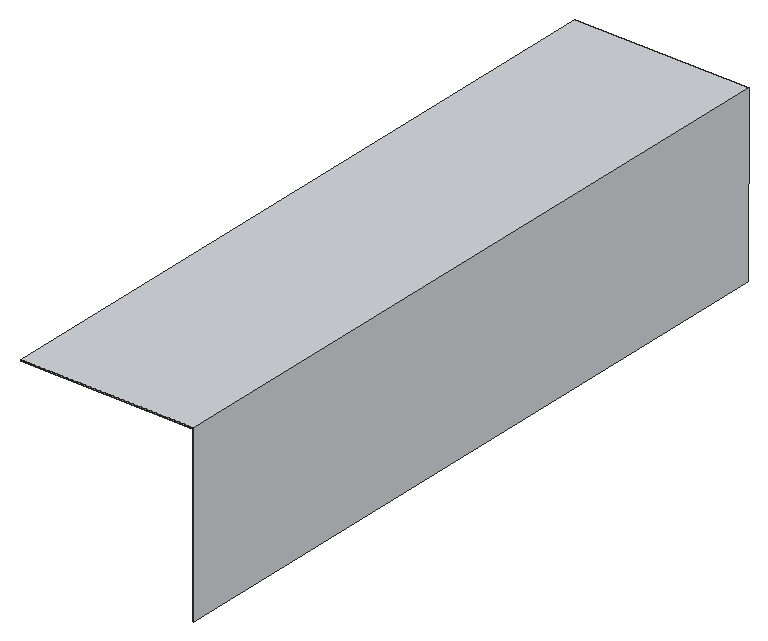
Revit family "KEUCO_14944000110", category Allgemeines Modell, Revit 2016
Family settings
  Teiletyp = Normal
  Kann Basisbauteil für Bewehrung sein = Nein
  Bemaßung runder Anschluss = Durchmesser verwenden
  Arbeitsebenenbasiert = Ja
  Immer vertikal = Nein
  Beim Laden mit Abzugskörper schneiden = Nein
  Gemeinsam genutzt = Nein
  Raumberechnungspunkt = Nein
Parameters (values of type "14944000130")
  Verwendung = "DU / WA"  # constant formula
  URL = "https://www.keuco.com/de/produkte/sortiment/artikel/?pid=14944&oid=2&pgo=37&country=de&lang=de&vid=14944000130"
  Typenbild = <Keine Auswahl>
  Preisgruppe = ""
  Max. Länge [instance] = if(Längetyp = 1, 1400 mm, if(Längetyp = 2, 2000 mm, if(Längetyp = 3, 3000 mm, 1400 mm)))  # 3000 mm
  Materialien bei Hersteller anfragen = "Anfrage zu:  objektmanagement@keuco.de"
  Länge-A [instance] = 500 mm
  Länge-B [instance] = 500 mm
  Längetyp = 3
  Kategorie = ""
  Höhe = 2000 mm  # constant formula
  Volle Länge [instance] = if([Länge-B] + [Länge-A] < Max. Länge, [Länge-B] + [Länge-A], Max. Länge)  # 1000 mm
  Gewicht = 0
  Description = ""  # constant formula
  Default Elevation = 0 mm
  Serie = "Plan"  # constant formula
  Material = ecru/8 Ösen
  Hersteller = "KEUCO"  # constant formula
  Assembly Code = ""
  Ausschreibungstext = "KEUCO PLAN Duschvorhang PLAN uni 14944000130 \r\n3000 x 2000 mm, weiß/16 Ösen\r\n100 % Trevira, 80 g/m²\r\nseitlich gesäumt, Verstärkungsband für Edelstahlösen\r\nAbstand der Ösen ca. 20 cm\r\nEdelstahl-Rollsaum auf rechts genäht, per Meter 50 g\r\nduschdicht, fungizid, antibakteriell, antistatisch, \r\nkalandert, bei 30 Grad waschbar, Einlaufquote 1-2 %\r\nschadstoffgeprüft nach Öko-Tex-Standard 100\r\nkomplett mit Vorhangringen, weiß\r\n\r\nHinweis zu den Maßen:\r\nBei den angegeben Maßen handelt es sich um fertige Vorhangmaße.\r\nDamit der Vorhang nicht im Wannenboden \r\noder auf dem Fußboden aufliegt, empfehlen wir: \r\nAbstand vom Duschvorhang zum Boden ca. 30 mm. \r\nAbstand zwischen Stangenmitte und Oberkante Duschvorhang ca. 40 mm.\r\n\r\nDie Vorhangbreite sollte ca. das 1,3 bis 1,5-fache \r\nder Vorhangstangenlänge betragen."
  Artikelnummer = "14944000130"
Types (9, lengths in mm): name | URL | Max. Länge | Materialien bei Hersteller anfragen | Längetyp | Default Elevation | Material | Ausschreibungstext | Artikelnummer
  14944000110 | "https://www.keuco.com/de/produkte/sortiment/artikel/?pid=14944&oid=2&pgo=37&country=de&lang=de&vid=14944000110" | 1400 | "Request to:  objektmanagement@keuco.de" | 1 | 1800 | weiß/8 Ösen | "KEUCO PLAN Duschvorhang PLAN uni 14944000110 \r\n1400 x 2000 mm, weiß/8 Ösen\r\n100 % Trevira, 80 g/m²\r\nseitlich gesäumt, Verstärkungsband für Edelstahlösen\r\nAbstand der Ösen ca. 20 cm\r\nEdelstahl-Rollsaum auf rechts genäht, per Meter 50 g\r\nduschdicht, fungizid, antibakteriell, antistatisch, \r\nkalandert, bei 30 Grad waschbar, Einlaufquote 1-2 %\r\nschadstoffgeprüft nach Öko-Tex-Standard 100\r\nkomplett mit Vorhangringen, weiß\r\n\r\nHinweis zu den Maßen:\r\nBei den angegeben Maßen handelt es sich um fertige Vorhangmaße.\r\nDamit der Vorhang nicht im Wannenboden \r\noder auf dem Fußboden aufliegt, empfehlen wir: \r\nAbstand vom Duschvorhang zum Boden ca. 30 mm. \r\nAbstand zwischen Stangenmitte und Oberkante Duschvorhang ca. 40 mm.\r\n\r\nDie Vorhangbreite sollte ca. das 1,3 bis 1,5-fache \r\nder Vorhangstangenlänge betragen." | "14944000110"
  14944000120 | "https://www.keuco.com/de/produkte/sortiment/artikel/?pid=14944&oid=2&pgo=37&country=de&lang=de&vid=14944000120" | 2000 | "Request to:  objektmanagement@keuco.de" | 2 | 0 | weiß/11 Ösen | "KEUCO PLAN Duschvorhang PLAN uni 14944000120 \r\n2000 x 2000 mm, weiß/11 Ösen\r\n100 % Trevira, 80 g/m²\r\nseitlich gesäumt, Verstärkungsband für Edelstahlösen\r\nAbstand der Ösen ca. 20 cm\r\nEdelstahl-Rollsaum auf rechts genäht, per Meter 50 g\r\nduschdicht, fungizid, antibakteriell, antistatisch, \r\nkalandert, bei 30 Grad waschbar, Einlaufquote 1-2 %\r\nschadstoffgeprüft nach Öko-Tex-Standard 100\r\nkomplett mit Vorhangringen, weiß\r\n\r\nHinweis zu den Maßen:\r\nBei den angegeben Maßen handelt es sich um fertige Vorhangmaße.\r\nDamit der Vorhang nicht im Wannenboden \r\noder auf dem Fußboden aufliegt, empfehlen wir: \r\nAbstand vom Duschvorhang zum Boden ca. 30 mm. \r\nAbstand zwischen Stangenmitte und Oberkante Duschvorhang ca. 40 mm.\r\n\r\nDie Vorhangbreite sollte ca. das 1,3 bis 1,5-fache \r\nder Vorhangstangenlänge betragen." | "14944000120"
  14944000130 | "https://www.keuco.com/de/produkte/sortiment/artikel/?pid=14944&oid=2&pgo=37&country=de&lang=de&vid=14944000130" | 3000 | "Anfrage zu:  objektmanagement@keuco.de" | 3 | 0 | ecru/8 Ösen | "KEUCO PLAN Duschvorhang PLAN uni 14944000130 \r\n3000 x 2000 mm, weiß/16 Ösen\r\n100 % Trevira, 80 g/m²\r\nseitlich gesäumt, Verstärkungsband für Edelstahlösen\r\nAbstand der Ösen ca. 20 cm\r\nEdelstahl-Rollsaum auf rechts genäht, per Meter 50 g\r\nduschdicht, fungizid, antibakteriell, antistatisch, \r\nkalandert, bei 30 Grad waschbar, Einlaufquote 1-2 %\r\nschadstoffgeprüft nach Öko-Tex-Standard 100\r\nkomplett mit Vorhangringen, weiß\r\n\r\nHinweis zu den Maßen:\r\nBei den angegeben Maßen handelt es sich um fertige Vorhangmaße.\r\nDamit der Vorhang nicht im Wannenboden \r\noder auf dem Fußboden aufliegt, empfehlen wir: \r\nAbstand vom Duschvorhang zum Boden ca. 30 mm. \r\nAbstand zwischen Stangenmitte und Oberkante Duschvorhang ca. 40 mm.\r\n\r\nDie Vorhangbreite sollte ca. das 1,3 bis 1,5-fache \r\nder Vorhangstangenlänge betragen." | "14944000130"
  14944000210 | "https://www.keuco.com/de/produkte/sortiment/artikel/?pid=14944&oid=2&pgo=37&country=de&lang=de&vid=14944000210" | 1400 | "Request to:  objektmanagement@keuco.de" | 1 | 0 | ecru/8 Ösen | "KEUCO PLAN Duschvorhang PLAN uni 14944000210 \r\n1400 x 2000 mm, ecru/8 Ösen\r\n100 % Trevira, 80 g/m²\r\nseitlich gesäumt, Verstärkungsband für Edelstahlösen\r\nAbstand der Ösen ca. 20 cm\r\nEdelstahl-Rollsaum auf rechts genäht, per Meter 50 g\r\nduschdicht, fungizid, antibakteriell, antistatisch, \r\nkalandert, bei 30 Grad waschbar, Einlaufquote 1-2 %\r\nschadstoffgeprüft nach Öko-Tex-Standard 100\r\nkomplett mit Vorhangringen, weiß\r\n\r\nHinweis zu den Maßen:\r\nBei den angegeben Maßen handelt es sich um fertige Vorhangmaße.\r\nDamit der Vorhang nicht im Wannenboden \r\noder auf dem Fußboden aufliegt, empfehlen wir: \r\nAbstand vom Duschvorhang zum Boden ca. 30 mm. \r\nAbstand zwischen Stangenmitte und Oberkante Duschvorhang ca. 40 mm.\r\n\r\nDie Vorhangbreite sollte ca. das 1,3 bis 1,5-fache \r\nder Vorhangstangenlänge betragen." | "14944000210"
  14944000220 | "https://www.keuco.com/de/produkte/sortiment/artikel/?pid=14944&oid=2&pgo=37&country=de&lang=de&vid=14944000220" | 2000 | "Request to:  objektmanagement@keuco.de" | 2 | 0 | ecru/11 Ösen | "KEUCO PLAN Duschvorhang PLAN uni 14944000220 \r\n2000 x 2000 mm, ecru/11 Ösen\r\n100 % Trevira, 80 g/m²\r\nseitlich gesäumt, Verstärkungsband für Edelstahlösen\r\nAbstand der Ösen ca. 20 cm\r\nEdelstahl-Rollsaum auf rechts genäht, per Meter 50 g\r\nduschdicht, fungizid, antibakteriell, antistatisch, \r\nkalandert, bei 30 Grad waschbar, Einlaufquote 1-2 %\r\nschadstoffgeprüft nach Öko-Tex-Standard 100\r\nkomplett mit Vorhangringen, weiß\r\n\r\nHinweis zu den Maßen:\r\nBei den angegeben Maßen handelt es sich um fertige Vorhangmaße.\r\nDamit der Vorhang nicht im Wannenboden \r\noder auf dem Fußboden aufliegt, empfehlen wir: \r\nAbstand vom Duschvorhang zum Boden ca. 30 mm. \r\nAbstand zwischen Stangenmitte und Oberkante Duschvorhang ca. 40 mm.\r\n\r\nDie Vorhangbreite sollte ca. das 1,3 bis 1,5-fache \r\nder Vorhangstangenlänge betragen." | "14944000220"
  14944000230 | "https://www.keuco.com/de/produkte/sortiment/artikel/?pid=14944&oid=2&pgo=37&country=de&lang=de&vid=14944000230" | 3000 | "Request to:  objektmanagement@keuco.de" | 3 | 0 | ecru/16 Ösen | "KEUCO PLAN Duschvorhang PLAN uni 14944000230 \r\n3000 x 2000 mm, ecru/16 Ösen\r\n100 % Trevira, 80 g/m²\r\nseitlich gesäumt, Verstärkungsband für Edelstahlösen\r\nAbstand der Ösen ca. 20 cm\r\nEdelstahl-Rollsaum auf rechts genäht, per Meter 50 g\r\nduschdicht, fungizid, antibakteriell, antistatisch, \r\nkalandert, bei 30 Grad waschbar, Einlaufquote 1-2 %\r\nschadstoffgeprüft nach Öko-Tex-Standard 100\r\nkomplett mit Vorhangringen, weiß\r\n\r\nHinweis zu den Maßen:\r\nBei den angegeben Maßen handelt es sich um fertige Vorhangmaße.\r\nDamit der Vorhang nicht im Wannenboden \r\noder auf dem Fußboden aufliegt, empfehlen wir: \r\nAbstand vom Duschvorhang zum Boden ca. 30 mm. \r\nAbstand zwischen Stangenmitte und Oberkante Duschvorhang ca. 40 mm.\r\n\r\nDie Vorhangbreite sollte ca. das 1,3 bis 1,5-fache \r\nder Vorhangstangenlänge betragen." | "14944000230"
  14944000310 | "https://www.keuco.com/de/produkte/sortiment/artikel/?pid=14944&oid=2&pgo=37&country=de&lang=de&vid=14944000310" | 1400 | "Request to:  objektmanagement@keuco.de" | 1 | 0 | lichtgrau/8 Ösen | "KEUCO PLAN Duschvorhang PLAN uni 14944000310 \r\n1400 x 2000 mm, lichtgrau/8 Ösen\r\n100 % Trevira, 80 g/m²\r\nseitlich gesäumt, Verstärkungsband für Edelstahlösen\r\nAbstand der Ösen ca. 20 cm\r\nEdelstahl-Rollsaum auf rechts genäht, per Meter 50 g\r\nduschdicht, fungizid, antibakteriell, antistatisch, \r\nkalandert, bei 30 Grad waschbar, Einlaufquote 1-2 %\r\nschadstoffgeprüft nach Öko-Tex-Standard 100\r\nkomplett mit Vorhangringen, weiß\r\n\r\nHinweis zu den Maßen:\r\nBei den angegeben Maßen handelt es sich um fertige Vorhangmaße.\r\nDamit der Vorhang nicht im Wannenboden \r\noder auf dem Fußboden aufliegt, empfehlen wir: \r\nAbstand vom Duschvorhang zum Boden ca. 30 mm. \r\nAbstand zwischen Stangenmitte und Oberkante Duschvorhang ca. 40 mm.\r\n\r\nDie Vorhangbreite sollte ca. das 1,3 bis 1,5-fache \r\nder Vorhangstangenlänge betragen." | "14944000310"
  14944000320 | "https://www.keuco.com/de/produkte/sortiment/artikel/?pid=14944&oid=2&pgo=37&country=de&lang=de&vid=14944000320" | 2000 | "Request to:  objektmanagement@keuco.de" | 2 | 0 | lichtgrau/11 Ösen | "KEUCO PLAN Duschvorhang PLAN uni 14944000320 \r\n2000 x 2000 mm, lichtgrau/11 Ösen\r\n100 % Trevira, 80 g/m²\r\nseitlich gesäumt, Verstärkungsband für Edelstahlösen\r\nAbstand der Ösen ca. 20 cm\r\nEdelstahl-Rollsaum auf rechts genäht, per Meter 50 g\r\nduschdicht, fungizid, antibakteriell, antistatisch, \r\nkalandert, bei 30 Grad waschbar, Einlaufquote 1-2 %\r\nschadstoffgeprüft nach Öko-Tex-Standard 100\r\nkomplett mit Vorhangringen, weiß\r\n\r\nHinweis zu den Maßen:\r\nBei den angegeben Maßen handelt es sich um fertige Vorhangmaße.\r\nDamit der Vorhang nicht im Wannenboden \r\noder auf dem Fußboden aufliegt, empfehlen wir: \r\nAbstand vom Duschvorhang zum Boden ca. 30 mm. \r\nAbstand zwischen Stangenmitte und Oberkante Duschvorhang ca. 40 mm.\r\n\r\nDie Vorhangbreite sollte ca. das 1,3 bis 1,5-fache \r\nder Vorhangstangenlänge betragen." | "14944000320"
  14944000330 | "https://www.keuco.com/de/produkte/sortiment/artikel/?pid=14944&oid=2&pgo=37&country=de&lang=de&vid=14944000330" | 3000 | "Request to:  objektmanagement@keuco.de" | 3 | 0 | lichtgrau/16 Ösen | "KEUCO PLAN Duschvorhang PLAN uni 14944000330 \r\n3000 x 2000 mm, lichtgrau/16 Ösen\r\n100 % Trevira, 80 g/m²\r\nseitlich gesäumt, Verstärkungsband für Edelstahlösen\r\nAbstand der Ösen ca. 20 cm\r\nEdelstahl-Rollsaum auf rechts genäht, per Meter 50 g\r\nduschdicht, fungizid, antibakteriell, antistatisch, \r\nkalandert, bei 30 Grad waschbar, Einlaufquote 1-2 %\r\nschadstoffgeprüft nach Öko-Tex-Standard 100\r\nkomplett mit Vorhangringen, weiß\r\n\r\nHinweis zu den Maßen:\r\nBei den angegeben Maßen handelt es sich um fertige Vorhangmaße.\r\nDamit der Vorhang nicht im Wannenboden \r\noder auf dem Fußboden aufliegt, empfehlen wir: \r\nAbstand vom Duschvorhang zum Boden ca. 30 mm. \r\nAbstand zwischen Stangenmitte und Oberkante Duschvorhang ca. 40 mm.\r\n\r\nDie Vorhangbreite sollte ca. das 1,3 bis 1,5-fache \r\nder Vorhangstangenlänge betragen." | "14944000330"
Reference planes
  plane 1 "Center (Front/Back)": y = 0
  plane 2: z = 0
  plane 3 "Center (Left/Right)": x = 0
  plane 4: x = -500
  plane 5: x = -2
  plane 6: x = 2
  plane 7: y = -2000
  plane 8: z = 500
Forms (mm)
  Sweep 1, solid
    path origin (0, 0, 1166.544) x (0, 0, 1) y (-1, 0, 0)
      loop
        line (-1166.544, 0) -> (-666.544, 0) -> (-666.544, 500)
    profile origin (0, 0, 250) x (-1, 0, 0) y (0, -1, 0)
      loop
        line (-2, 0) -> (2, 0) -> (2, 2000) -> (-2, 2000) -> (-2, 0)
Dimensions and locks
  locked: plane 5 to plane 6 at 4
  "Höhe": plane 7 to plane 1 "Center (Front/Back)"
  "Länge-B": plane 3 "Center (Left/Right)" to plane 4
  "Länge-A": plane 8 to plane 2
  aligned and locked: level to plane 2
  aligned and locked: plane 6 to Sweep 1 sketch curve
  aligned and locked: profile plane to Sweep 1 sketch curve
  aligned and locked: Sweep 1 sketch curve to plane 5
  aligned and locked: Sweep 1 sketch curve to plane 7
  aligned and locked: plane 4 to Sweep 1 sketch curve
  aligned and locked: plane 2 to Sweep 1 sketch curve
  aligned and locked: plane 8 to Sweep 1 sketch curve
  aligned and locked: plane 3 "Center (Left/Right)" to Sweep 1 sketch curve
